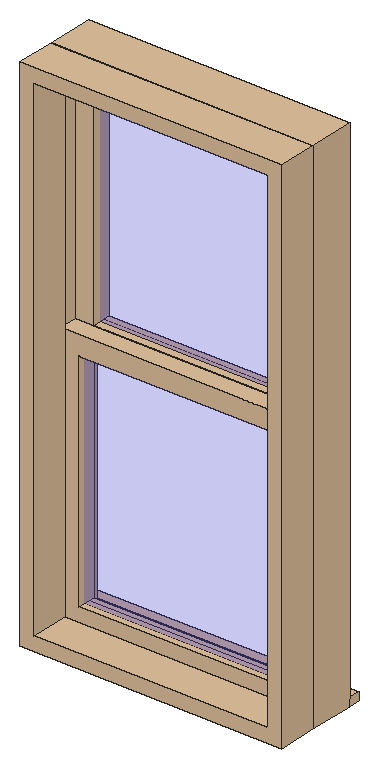
Revit family
Parameters (values of type "0610 x 1220mm")
  유리 창 재료 = 유리
  Height = 1220.00 mm
  섀시 재료 = 섀시
  기본 씰 높이 = 915.00 mm
  Wall Closure = (empty or 0)
  Width = 610.00 mm
  창 인세트 = 19.00 mm
Types (10, lengths in mm): name | Height | 기본 씰 높이 | Width
  (no name) | 1220.00 | 915.00 | 610.00
  0915 x 1220mm | 1220.00 | 915.00 | 915.00
  0610 x 1220mm | 1220.00 | 915.00 | 610.00
  0610 x 0610mm | 610.00 | 915.00 | 610.00
  0406 x 0610mm | 610.00 | 915.00 | 406.00
  0406 x 1220mm | 1220.00 | 915.00 | 406.00
  0406 x 1830mm | 1830.00 | 305.00 | 406.00
  0610 x 1830mm | 1830.00 | 305.00 | 610.00
  0915 x 0610mm | 610.00 | 915.00 | 915.00
  0915 x 1830mm | 1830.00 | 305.00 | 915.00
Reference planes
  plane 1: y = 0
  plane 2: z = 0
  plane 3 "중심": x = 0
  plane 4 "왼쪽": x = -305
  plane 5 "오른쪽": x = 305
  plane 6 "씰": z = 915
  plane 7 "상단": z = 2135
  plane 8: y = 100
  plane 9: y = -100
  plane 10: y = 81
  plane 11: z = 1525
  plane 12: x = -273.25
  plane 13: x = 273.05
  plane 14: x = 273.25
  plane 15: z = 946.75
  plane 16 "마무리": y = 7.975
Forms (mm)
  Extrusion 1, solid, material "섀시" <- "섀시 재료"
    sketch origin (0, 0, 0) x (1, 0, 0) y (0, 0, 1)
      loop
        line (-305, 2135) -> (-305, 915) -> (305, 915) -> (305, 2135) -> (-305, 2135)
      loop
        line (-285.95, 2115.95) -> (-285.95, 934.05) -> (285.95, 934.05) -> (285.95, 2115.95) -> (-285.95, 2115.95)
    from -100 to 7.9
  Extrusion 2, solid
    sketch origin (0, 0, 0) x (-1, 0, 0) y (0, 0, 1)
      loop
        line (-305, 2135) -> (-305, 915) -> (305, 915) -> (305, 2135) -> (-305, 2135)
      loop
        line (-273.25, 2103.25) -> (-273.25, 946.75) -> (273.25, 946.75) -> (273.25, 2103.25) -> (-273.25, 2103.25)
    from -7.9 to -100
  Extrusion 3, solid, material "섀시" <- "섀시 재료"
    sketch origin (0, 0, 0) x (-1, 0, 0) y (0, 0, 1)
      loop
        line (-285.95, 2115.95) -> (-285.95, 1502.775) -> (285.95, 1502.775) -> (285.95, 2115.95) -> (-285.95, 2115.95)
      loop
        line (-241.5, 2071.5) -> (-241.5, 1547.225) -> (241.5, 1547.225) -> (241.5, 2071.5) -> (-241.5, 2071.5)
    from 36.55 to 81
  Extrusion 4, solid, material "유리" <- "유리 창 재료"
    sketch origin (-124.971, 0, -117.036) x (1, 0, 0) y (0, 0, 1)
      loop
        line (-116.529, 2188.536) -> (-116.529, 1664.261) -> (366.471, 1664.261) -> (366.471, 2188.536) -> (-116.529, 2188.536)
    from -65.125 to -52.425
  Extrusion 5, solid, material "섀시" <- "섀시 재료"
    sketch origin (0, 0, 0) x (-1, 0, 0) y (0, 0, 1)
      loop
        line (-305, 934.05) -> (-305, 915) -> (305, 915) -> (305, 934.05) -> (-305, 934.05)
    from 100 to 125.4
  Extrusion 6, solid, material "섀시" <- "섀시 재료"
    sketch origin (0, 0, 0) x (-1, 0, 0) y (0, 0, 1)
      loop
        line (-285.95, 1547.225) -> (-285.95, 934.05) -> (285.95, 934.05) -> (285.95, 1547.225) -> (-285.95, 1547.225)
      loop
        line (-241.5, 1502.775) -> (-241.5, 978.5) -> (241.5, 978.5) -> (241.5, 1502.775) -> (-241.5, 1502.775)
    from -7.9 to 36.55
  Extrusion 7, solid, material "유리" <- "유리 창 재료"
    sketch origin (0, 0, 0) x (-1, 0, 0) y (0, 0, 1)
      loop
        line (-241.5, 978.5) -> (241.5, 978.5) -> (241.5, 1502.775) -> (-241.5, 1502.775) -> (-241.5, 978.5)
    from 7.975 to 20.675
Lines and regions (mm)
  Opening 1
    outline origin (-1524, -100, 0) x (1, 0, 0) y (0, 0, 1)
      loop
        line (1219, 2135) -> (1219, 915) -> (1829, 915) -> (1829, 2135) -> (1219, 2135)
  symbolic lines, style "WindowsFrameMullionProjection"
    curve 1: line (-305, 100, 0) -> (-285.95, 100, 0)
    curve 2: line (-285.95, -7.9, 0) -> (-285.95, 100, 0)
    curve 3: line (-285.95, -7.9, 0) -> (-273.25, -7.9, 0)
    curve 4: line (-273.25, -100, 0) -> (-273.25, -7.9, 0)
    curve 5: line (305, 100, 0) -> (285.95, 100, 0)
    curve 6: line (273.25, -7.9, 0) -> (273.25, -100, 0)
    curve 7: line (273.25, -7.9, 0) -> (285.95, -7.9, 0)
    curve 8: line (285.95, -7.9, 0) -> (285.95, 100, 0)
    curve 9: line (-285.95, 36.55, 0) -> (-241.5, 36.55, 0)
    curve 10: line (-285.95, 36.55, 0) -> (-285.95, -7.9, 0)
    curve 11: line (-285.95, -7.9, 0) -> (-241.5, -7.9, 0)
    curve 12: line (-241.5, 36.55, 0) -> (-241.5, -7.9, 0)
    curve 13: line (285.95, 36.55, 0) -> (241.5, 36.55, 0)
    curve 14: line (285.95, 36.55, 0) -> (285.95, -7.9, 0)
    curve 15: line (285.95, -7.9, 0) -> (241.5, -7.9, 0)
    curve 16: line (241.5, 36.55, 0) -> (241.5, -7.9, 0)
    curve 18: line (-273.25, -100, 0) -> (-305, -100, 0)
    curve 19: line (273.25, -100, 0) -> (305, -100, 0)
  symbolic lines, style "WindowsGlassProjection"
    curve 17: line (-241.5, 14.325, 0) -> (241.5, 14.325, 0)
Text (mm)
  text "외부" at (-1437.207, 1172.171, 0), in view "바닥 선"
  text "내부" at (-1490.695, -972.33, 0), in view "바닥 선"
  text "외부" at (0, 1108.87, 2360.591), in view "왼쪽"
  text "외부" at (0, 464.664, 2711.443), in view "오른쪽"
Dimensions and locks
  equal spacing: plane 4 "왼쪽", plane 3 "중심", plane 5 "오른쪽"
  "Width": plane 4 "왼쪽" to plane 5 "오른쪽"
  "창 인세트": plane 8 to plane 10
  locked: plane 10 to Extrusion 3 at 44.45
  locked: plane 10 to Extrusion 4 at 15.875
  locked: Extrusion 4 to Extrusion 4 at 12.7
  locked: Extrusion 5 sketch curve to Extrusion 1 at 19.05
  equal spacing: plane 6 "씰", plane 11, plane 7 "상단"
  Extrusion 3 sketch curve to plane 11 to Extrusion 3 sketch curve = 22.225 mm locked, 22.225 mm locked
  locked: Extrusion 6 to Extrusion 3 at 88.9
  locked: Extrusion 6 to Extrusion 6 at 44.45
  locked: Extrusion 7 to Extrusion 6 at 15.875
  locked: Extrusion 7 to Extrusion 7 at 12.7
  locked: plane 4 "왼쪽" to plane 12 at 31.75
  locked: plane 14 to plane 5 "오른쪽" at 31.75
  locked: plane 15 to plane 6 "씰" at 31.75
  "Height": plane 7 "상단" to plane 6 "씰"
  "기본 씰 높이": plane 6 "씰" to plane 2
  locked: plane 8 to plane 16 "마무리" at 92.025
  locked: Extrusion 5 to plane 8 at 25.4
  aligned and locked: plane 7 "상단" to Opening 1 sketch curve
  aligned and locked: plane 6 "씰" to Opening 1 sketch curve  (x2)
  aligned and locked: plane 5 "오른쪽" to Opening 1 sketch curve
  aligned and locked: plane 4 "왼쪽" to Opening 1 sketch curve
  aligned and locked: plane 9 to host wall
  aligned and locked: host wall to Extrusion 2
  aligned and locked: plane 10 to Extrusion 3
  aligned and locked: plane 8 to host wall
  aligned and locked: host wall to Extrusion 1
  aligned and locked: Extrusion 4 sketch curve to Extrusion 3  (x4)
  aligned and locked: curve 5 to Extrusion 1  (x2)
  aligned and locked: curve 6 to Extrusion 2
  aligned and locked: curve 4 to Extrusion 2
  aligned and locked: Extrusion 3 to curve 16
  aligned and locked: Extrusion 1 to curve 11
  aligned and locked: Extrusion 1 to curve 7
  aligned and locked: Extrusion 5 to host wall
  aligned and locked: Extrusion 1 to Extrusion 6 sketch curve
  aligned and locked: Extrusion 6 sketch curve to Extrusion 3
  aligned and locked: Extrusion 2 to Extrusion 6
  aligned and locked: Extrusion 1 to Extrusion 2
  aligned and locked: Extrusion 7 sketch curve to Extrusion 6  (x2)
  aligned and locked: Extrusion 3 to Extrusion 7 sketch curve
  aligned and locked: curve 9 to Extrusion 7 sketch curve
  aligned and locked: Extrusion 6 sketch curve to curve 1
Automatic sketch dimensions
  Extrusion 1 sketch curve to plane 4 "왼쪽" = 0.00 mm
  Extrusion 1 sketch curve to plane 5 "오른쪽" = 0.00 mm
  Extrusion 1 sketch curve to plane 4 "왼쪽" = 19.05 mm
  plane 5 "오른쪽" to Extrusion 1 sketch curve = 19.05 mm
  Extrusion 1 sketch curve to plane 6 "씰" = 0.00 mm
  Extrusion 1 sketch curve to plane 7 "상단" = 0.00 mm
  Extrusion 1 sketch curve to plane 6 "씰" = 19.05 mm
  plane 7 "상단" to Extrusion 1 sketch curve = 19.05 mm
  Extrusion 2 sketch curve to plane 5 "오른쪽" = 0.00 mm
  Extrusion 2 sketch curve to plane 4 "왼쪽" = 0.00 mm
  plane 5 "오른쪽" to Extrusion 2 sketch curve = 31.75 mm
  Extrusion 2 sketch curve to plane 4 "왼쪽" = 31.75 mm
  Extrusion 2 sketch curve to plane 6 "씰" = 0.00 mm
  Extrusion 2 sketch curve to plane 7 "상단" = 0.00 mm
  Extrusion 2 sketch curve to plane 6 "씰" = 31.75 mm
  plane 7 "상단" to Extrusion 2 sketch curve = 31.75 mm
  plane 5 "오른쪽" to Extrusion 3 sketch curve = 19.05 mm
  Extrusion 3 sketch curve to Extrusion 3 sketch curve = 44.45 mm
  Extrusion 3 sketch curve to plane 4 "왼쪽" = 63.50 mm
  Extrusion 3 sketch curve to plane 4 "왼쪽" = 19.05 mm
  plane 7 "상단" to Extrusion 3 sketch curve = 63.50 mm
  plane 7 "상단" to Extrusion 3 sketch curve = 19.05 mm
  curve 18 to plane 4 "왼쪽" = 0.00 mm
  curve 1 to plane 4 "왼쪽" = 0.00 mm
  curve 2 to plane 8 = 0.00 mm
  curve 19 to plane 5 "오른쪽" = 0.00 mm
  curve 2 to plane 4 "왼쪽" = 19.05 mm
  curve 9 to curve 12 = 44.45 mm
  plane 5 "오른쪽" to curve 13 = 19.05 mm
  curve 19 to plane 9 = 0.00 mm
  curve 4 to plane 9 = 0.00 mm
  curve 12 to curve 17 = 22.225 mm
  curve 17 to curve 13 = 22.225 mm
  curve 17 to curve 9 = 22.225 mm
  Extrusion 5 sketch curve to plane 5 "오른쪽" = 0.00 mm
  Extrusion 5 sketch curve to plane 4 "왼쪽" = 0.00 mm
  Extrusion 5 sketch curve to Extrusion 5 sketch curve = 19.05 mm
  Extrusion 6 sketch curve to Extrusion 6 sketch curve = 44.45 mm  (x2)
  Extrusion 6 sketch curve to plane 4 "왼쪽" = 63.50 mm
  Extrusion 6 sketch curve to plane 6 "씰" = 63.50 mm
  Extrusion 6 sketch curve to plane 6 "씰" = 19.05 mm
